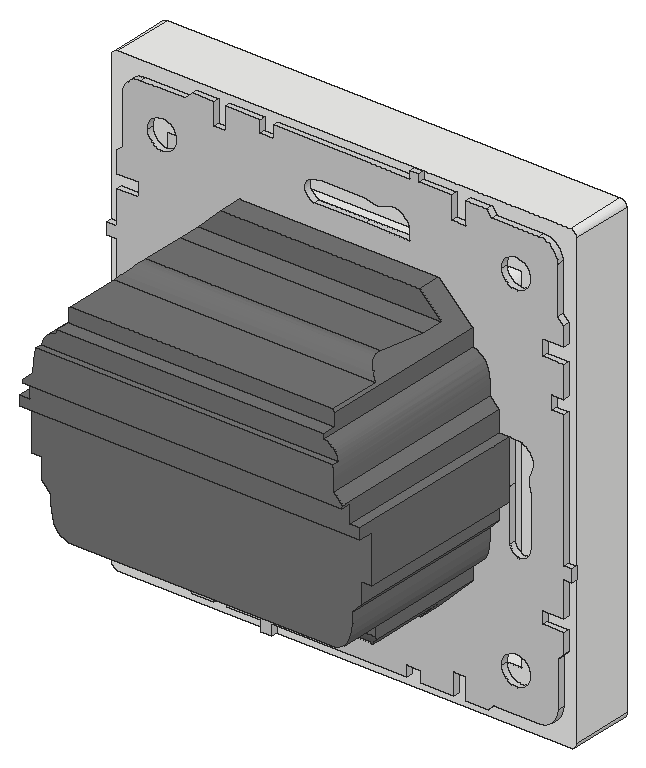
Revit family "IEK_L4_СетеваяРозетка_BRITE_1мест_(РЭК)_Скрытый", category Электрические приборы, Revit 2019
Family settings
  Сохранять ориентацию аннотаций = Нет
  Размер круглого соединителя = Использовать диаметр
  Тип детали = Нормальный
  На основе рабочей плоскости = Нет
  Всегда вертикально = Да
  При загрузке вырезать с полостями = Нет
  Общий = Нет
  Точка расчета площади = Нет
Parameters
  ЭУИ (Выбор) [instance] = ⚠_IEK_СетеваяРозетка_TV_Встраиваемая_BRITE_1мест : СетеваяРозетка_TV_Оконечная_РТВ11-0-БрБ_Белый
  УГО_Смещение по оси Y [instance] = 1100 mm
  УГО_Смещение по оси X [instance] = 1000 mm
  УГО_Внешний вид [instance] = УГО_СетеваяРозетка : TV
  Рамка (Выбор) [instance] = ⚠_IEK_Рамка_Встраиваемая_BRITE_1мест : Рамка_IP20_РУ-1-БрБ_Белый
  Подрозетник (учет в спецификации) [instance] = yes
  Монтажная глубина ниши = 40 mm
  Крышка подрозетника [instance] = no
  Коробка (Выбор) [instance] = ⚠_IEK_Коробка_Встраиваемая_1мест : Коробка_распаячная_КМ41004_(d80x40)_IP20_Для твердых стен_Белый
  Изготовитель = "IEK"  # constant formula
  Видимость подрозетника [instance] = no
  Видимость в масштабе [instance] = not(Видимость УГО)  # no
  Видимость УГО [instance] = yes
  URL = "https://www.iek.ru/"
  IEK_Разработчик = "sozutovvd@iek.ru"  # constant formula
  ADSK_Ток [instance] = ADSK_Номинальная мощность / (if(ADSK_Количество фаз = 3, (sqrt(3) * ADSK_Напряжение), ADSK_Напряжение) * ADSK_Коэффициент мощности * ADSK_КПД)  # 0.2746 A
  ADSK_Размер_Ширина = 74.4 mm
  ADSK_Размер_Диаметр [instance] = 20 mm
  ADSK_Размер_Глубина = 43 mm
  ADSK_Размер_Высота = 74.4 mm
  ADSK_Пусковой ток [instance] = ADSK_Ток * ADSK_Кратность пускового тока  # 0.2746 A
  ADSK_Примечание [instance] = ""
  ADSK_Полная мощность [instance] = ADSK_Номинальная мощность / ADSK_Коэффициент мощности / ADSK_КПД  # 63.1579 VA
  ADSK_Номинальная мощность [instance] = 60 W
  ADSK_Напряжение = 230 V
  ADSK_Наименование краткое [instance] = "ЭУИ"
  ADSK_Наименование = "Неспецифицируемый"
  ADSK_Кратность пускового тока [instance] = 1
  ADSK_Коэффициент мощности [instance] = 0.95
  ADSK_Количество фаз [instance] = 1
  ADSK_Классификация нагрузок [instance] = Розетка однофазная
  ADSK_КПД [instance] = 1
  ADSK_Версия семейства = "07.11.23"  # constant formula
  ADSK_Версия Revit = "v2019"  # constant formula
  ADSK_URL страницы изделия = "https://www.iek.ru/products/catalog/izdeliya_elektroustanovochnye_udliniteli_i_silovye_razemy/elektroustanovochnye_izdeliya/elektroustanovochnye_izdeliya_skrytogo_montazha/elektroustanovochnye_izdeliya_brite/?page=2"
Reference planes
  plane 1 "По центру (Вперед/Назад)": y = 0
  plane 2: z = 0
  plane 3 "По центру (Влево/Вправо)": x = 0
  plane 4: x = 37.2
  plane 5: x = -37.2
  plane 6: z = 37.2
  plane 7: z = -37.2
  plane 8: x = 27.2
  plane 9: x = -27.2
  plane 10: z = 27.2
  plane 11: z = -27.2
  plane 12 "Дно розетки": y = -9.913
  plane 13: y = -43
  plane 14: z = 20
  plane 15: z = -20
  plane 16: y = -10.913
  plane 17: x = -1000
  plane 18: y = -1000
Lines and regions (mm)
  reference lines
    curve 1: line (0, 600, 0) -> (0, 100, 0)
    curve 2: line (250, 100, 0) -> (-250, 100, 0)
  reference lines, not visible
    curve 3: line (-263.899, 336.096, 0) -> (-263.899, -163.904, 0)
    curve 4: line (-13.899, -163.904, 0) -> (-513.899, -163.904, 0)
  symbolic lines, detail levels fine
    curve 5: line (-37.2, 0, 0) -> (-37.2, -9.913, 0)
    curve 6: line (-37.2, 0, 0) -> (37.2, 0, 0)
    curve 7: line (37.2, 0, 0) -> (37.2, -9.913, 0)
    curve 8: line (-27.2, -9.913, 0) -> (-27.2, -49.913, 0)
    curve 9: line (27.2, -49.913, 0) -> (-27.2, -49.913, 0)
    curve 10: line (27.2, -49.913, 0) -> (27.2, -9.913, 0)
    curve 11: line (-37.2, -9.913, 0) -> (37.2, -9.913, 0)
  symbolic lines
    curve 12: line (37.2, 0, 37.2) -> (-37.2, 0, 37.2)
    curve 13: line (37.2, 0, -37.2) -> (37.2, 0, 37.2)
    curve 14: line (-37.2, 0, -37.2) -> (37.2, 0, -37.2)
    curve 15: line (-37.2, 0, 37.2) -> (-37.2, 0, -37.2)
    curve 16: line (27.2, 0, 27.2) -> (-27.2, 0, 27.2)
    curve 17: line (27.2, 0, -27.2) -> (27.2, 0, 27.2)
    curve 18: line (-27.2, 0, -27.2) -> (27.2, 0, -27.2)
    curve 19: line (-27.2, 0, 27.2) -> (-27.2, 0, -27.2)
    curve 20: line (0, 0, 37.2) -> (0, 0, -37.2)
    curve 21: line (0, 0, -37.2) -> (0, -9.913, -37.2)
    curve 22: line (0, -9.913, -37.2) -> (0, -9.913, 37.2)
    curve 23: line (0, -9.913, 37.2) -> (0, 0, 37.2)
    curve 24: line (0, -9.913, -27.2) -> (0, -43, -27.2)
    curve 25: line (0, -43, -27.2) -> (0, -43, 27.2)
    curve 26: line (0, -43, 27.2) -> (0, -9.913, 27.2)
Dimensions and locks
  "ADSK_Размер_Высота": plane 6 to plane 7
  equal spacing: plane 6, level, plane 7
  equal spacing: plane 5, plane 3 "По центру (Влево/Вправо)", plane 4
  "ADSK_Размер_Ширина": plane 5 to plane 4
  plane 4 to plane 8 = 10 mm
  plane 5 to plane 9 = 10 mm
  locked: plane 6 to plane 10 at 10
  locked: plane 11 to plane 7 at 10
  locked: plane 12 "Дно розетки" to plane 1 "По центру (Вперед/Назад)" at 9.913
  locked: plane 12 "Дно розетки" to plane 16 at 1
  locked: plane 5 to plane 9 at 10
  locked: plane 8 to plane 4 at 10
  "ADSK_Размер_Глубина": plane 13 to plane 1 "По центру (Вперед/Назад)"
  "УГО_Смещение по оси Y": plane 18 to curve 2
  "УГО_Смещение по оси X": plane 17 to curve 1
  "Монтажная глубина ниши": plane 12 "Дно розетки" to curve 9
  aligned and locked: level to plane 2
  aligned and locked: plane 3 "По центру (Влево/Вправо)" to nested 1
  aligned and locked: plane 3 "По центру (Влево/Вправо)" to nested 2
  aligned and locked: plane 1 "По центру (Вперед/Назад)" to nested 2
  aligned and locked: plane 3 "По центру (Влево/Вправо)" to nested 3
  aligned and locked: nested 3 to plane 16
  aligned and locked: nested 4 to curve 2
  aligned and locked: nested 4 to curve 1
  aligned and locked: nested 5 to curve 4
  aligned and locked: nested 5 to curve 3
  aligned and locked: plane 10 to curve 16
  aligned and locked: plane 8 to curve 17
  aligned and locked: plane 11 to curve 18
  aligned and locked: plane 9 to curve 19
  aligned and locked: plane 1 "По центру (Вперед/Назад)" to curve 20
  aligned and locked: curve 23 to plane 6
  aligned and locked: curve 22 to plane 12 "Дно розетки"
  aligned and locked: curve 21 to plane 7
  aligned and locked: curve 25 to plane 13
  aligned and locked: plane 10 to curve 26
  aligned and locked: plane 12 "Дно розетки" to nested 2
  aligned and locked: curve 24 to plane 11
Automatic sketch dimensions
  curve 2 to curve 1 = 250 mm
  curve 1 to curve 2 = 250 mm
  curve 1 to curve 1 = 500 mm
  curve 4 to curve 3 = 250 mm
  curve 3 to curve 4 = 250 mm
  curve 3 to curve 3 = 500 mm
  curve 5 to plane 5 = 0 mm
  curve 9 to plane 9 = 0 mm
  curve 9 to plane 8 = 0 mm
  plane 1 "По центру (Вперед/Назад)" to curve 7 = 0 mm
  curve 7 to plane 4 = 0 mm
  curve 11 to plane 12 "Дно розетки" = 0 mm
  plane 5 to curve 12 = 0 mm
  curve 13 to plane 4 = 0 mm
  curve 15 to plane 7 = 0 mm
  curve 13 to plane 6 = 0 mm
Nested families
  nested 1: "⚠_IEK_СетеваяРозетка_TV_Встраиваемая_BRITE_1мест" at (0, 0, 0), type <- "ЭУИ (Выбор)", ADSK_Размер_Диаметр <- "ADSK_Размер_Диаметр", Символ в масштабе <- "Видимость в масштабе", type "СетеваяРозетка_TV_Оконечная_РТВ11-0-БрБ_Белый"
    with Символ в масштабе no, ADSK_Размер_Диаметр 20 mm, ADSK_Примечание ""
  nested 2: "⚠_IEK_Рамка_Встраиваемая_BRITE_1мест" at (0, 0, 0), type <- "Рамка (Выбор)", Символ в масштабе <- "Видимость в масштабе", type "Рамка_IP20_РУ-1-БрБ_Белый"
    with Символ в масштабе no, ADSK_Примечание ""
  nested 3: "⚠_IEK_Коробка_Встраиваемая_1мест" at (0, -10.913, 0), Крышка <- "Крышка подрозетника", visible <- "Подрозетник (учет в спецификации)", type <- "Коробка (Выбор)", Видимость коробки <- "Видимость подрозетника", type "Коробка_распаячная_КМ41004_(d80x40)_IP20_Для твердых стен_Белый"
    with Крышка no, Видимость коробки no, ADSK_Примечание ""
  nested 4: "УГО_СетеваяРозетка" at (0, 100, 0), visible <- "Видимость УГО", type <- "УГО_Внешний вид", type "TV", detail levels coarse+medium
  nested 5: "УГО_СетеваяРозетка" at (-263.899, -163.904, 0), visible <- "Видимость УГО", type <- "УГО_Внешний вид", type "TV", not visible, detail levels coarse+medium
Connectors
  electrical at (0.128, -10.913, 0.127), driven by "ADSK_Количество фаз", driven by "ADSK_Классификация нагрузок", driven by "ADSK_Напряжение", driven by "ADSK_Полная мощность", driven by "ADSK_Коэффициент мощности"
    settings: on nested 1, index 1, voltage 230 V, apparent load 63.1579 VA, apparent load phase1 0 VA, apparent load phase2 0 VA, apparent load phase3 0 VA, power factor 0.95, load classification "Розетка однофазная", number of poles 1, system type 30, power factor state 1, is connector primary yes, connector utility no, sub classification motor no, connector description ""
  cabletrayconduit at (0, -26.957, 20), diameter 20, driven by "ADSK_Размер_Диаметр"
    settings: on nested 1, index 2, connector width 300 mm, connector height 300 mm, connector angle 0.00°, system type 32, placement type 0, profile type 0, connector reference index -1, is primary connector yes, connector utility param no, connector description ""
  cabletrayconduit at (0, -26.957, -20), diameter 20, driven by "ADSK_Размер_Диаметр"
    settings: on nested 1, index 3, connector width 300 mm, connector height 300 mm, connector angle 0.00°, system type 32, placement type 0, profile type 0, connector reference index -1, is primary connector no, connector utility param no, connector description ""
  cabletrayconduit at (-17.2, -26.957, 0), diameter 20, driven by "ADSK_Размер_Диаметр"
    settings: on nested 1, index 4, connector width 300 mm, connector height 300 mm, connector angle 0.00°, system type 32, placement type 0, profile type 0, connector reference index -1, is primary connector no, connector utility param no, connector description ""
  cabletrayconduit at (0, -26.957, -20), diameter 20, driven by "ADSK_Размер_Диаметр"
    settings: on nested 1, index 5, connector width 300 mm, connector height 300 mm, connector angle 0.00°, system type 32, placement type 0, profile type 0, connector reference index -1, is primary connector no, connector utility param no, connector description ""
Definition of nested family "⚠_IEK_СетеваяРозетка_TV_Встраиваемая_BRITE_1мест"
  Parameters (values of type "СетеваяРозетка_TV_Проходная_РТВ10-0-БрБ_Белый")
    Степень защиты IP = "IP20"
    Символ в масштабе [instance] = yes
    Радиус выреза под вилку = 6 mm
    Description = "Серия электроустановочных изделий \"BRITE\" IEK – это гармоничный дизайн и европейский подход, надежность в эксплуатации и привлекательная цена.\r\n\r\nВ линейке \"BRITE\" использованы материалы премиум-класса. Цветовая палитра и широкий ассортимент позволяют решить все задачи при строительстве и ремонте жилой и коммерческой недвижимости, выполнить современные интерьеры в едином стиле."
    Материал_Дополнительный = none
    Кол-во постов = 1
    Климатическое исполнение = "УХЛ3"
    Manufacturer = "IEK"  # constant formula
    URL = "https://www.iek.ru/"
    IEK_Разработчик = "sozutovvd@iek.ru"  # constant formula
    ADSK_Размер_Ширина = 74.4 mm
    ADSK_Размер_Диаметр [instance] = 20 mm
    ADSK_Размер_Высота = 74.4 mm
    ADSK_Примечание [instance] = ""
    ADSK_Обозначение = ""
    ADSK_Наименование краткое = "TV Розетка 1-местная проходная белый"
    ADSK_Наименование = "BRITE Розетка TV проходная РТВ10-0-БрБ белый IEK"
    ADSK_Материал наименование = ""
    ADSK_Материал = none
    ADSK_Масса = 0.09
    ADSK_Марка = "BRITE"
    ADSK_Количество = 1  # constant formula
    ADSK_Код изделия = "BR-A10-P-K01"
    ADSK_Завод-изготовитель = "iek.ru"  # constant formula
    ADSK_Единица измерения = "шт."  # constant formula
    ADSK_Группирование = "IEK_Электроустановочные изделия низковольтные"  # constant formula
    ADSK_Версия семейства = "11.07.23"  # constant formula
    ADSK_Версия Revit = "v2019"  # constant formula
    ADSK_URL страницы изделия = "https://www.iek.ru/products/catalog/izdeliya_elektroustanovochnye_udliniteli_i_silovye_razemy/elektroustanovochnye_izdeliya/elektroustanovochnye_izdeliya_skrytogo_montazha/elektroustanovochnye_izdeliya_brite/elektroustanovochnye_izdeliya_brite_tsvet_belyy/brite_rozetka_tv_prokhodnaya_rtv10_0_brb_belyy_iek"
  Types (3, lengths in mm): name | ADSK_Наименование краткое | ADSK_Наименование | ADSK_Код изделия | ADSK_URL страницы изделия
    (no name) | "TV Розетка 1-местная проходная белый" | "BRITE Розетка TV проходная РТВ10-0-БрБ белый IEK" | "BR-A10-P-K01" | "https://www.iek.ru/products/catalog/izdeliya_elektroustanovochnye_udliniteli_i_silovye_razemy/elektroustanovochnye_izdeliya/elektroustanovochnye_izdeliya_skrytogo_montazha/elektroustanovochnye_izdeliya_brite/elektroustanovochnye_izdeliya_brite_tsvet_belyy/brite_rozetka_tv_prokhodnaya_rtv10_0_brb_belyy_iek"
    СетеваяРозетка_TV_Оконечная_РТВ11-0-БрБ_Белый | "TV Розетка 1-местная белый" | "BRITE Розетка TV оконечная РТВ11-0-БрБ белый IEK" | "BR-A10-O-K01" | "https://www.iek.ru/products/catalog/izdeliya_elektroustanovochnye_udliniteli_i_silovye_razemy/elektroustanovochnye_izdeliya/elektroustanovochnye_izdeliya_skrytogo_montazha/elektroustanovochnye_izdeliya_brite/elektroustanovochnye_izdeliya_brite_tsvet_belyy/brite_rozetka_tv_okonechnaya_rtv11_0_brb_belyy_iek"
    СетеваяРозетка_TV_Проходная_РТВ10-0-БрБ_Белый | "TV Розетка 1-местная проходная белый" | "BRITE Розетка TV проходная РТВ10-0-БрБ белый IEK" | "BR-A10-P-K01" | "https://www.iek.ru/products/catalog/izdeliya_elektroustanovochnye_udliniteli_i_silovye_razemy/elektroustanovochnye_izdeliya/elektroustanovochnye_izdeliya_skrytogo_montazha/elektroustanovochnye_izdeliya_brite/elektroustanovochnye_izdeliya_brite_tsvet_belyy/brite_rozetka_tv_prokhodnaya_rtv10_0_brb_belyy_iek"
  Reference planes
    plane 1 "По центру (Вперед/Назад)": y = 0
    plane 2: z = 0
    plane 3 "По центру (Влево/Вправо)": x = 0
    plane 4: y = 10
    plane 5: x = 37.2
    plane 6: x = -37.2
    plane 7: y = -100
    plane 8: z = 37.2
    plane 9: z = -37.2
    plane 10: x = 27.2
    plane 11: x = -27.2
    plane 12: z = 27.2
    plane 13: z = -27.2
    plane 14 "Дно внешн части": y = -9.913
    plane 15: y = -43
    plane 16: z = 20
    plane 17: z = -20
    plane 18: x = 17.2
    plane 19: x = -17.2
    plane 20: y = -10.913
    plane 21: y = -11.913
  Forms (mm)
    Extrusion 1, solid, material <- "ADSK_Материал", detail levels medium
      sketch origin (0, 0, 0) x (1, 0, 0) y (0, 0, 1)
        loop
          line (-27.2, 27.2) -> (-27.2, -27.2) -> (27.2, -27.2) -> (27.2, 27.2) -> (-27.2, 27.2)
      from 0 to 9.913
    Extrusion 2, solid, material <- "Материал_Дополнительный", detail levels coarse+medium
      sketch origin (0, 0, 0) x (0, 1, 0) y (0, 0, 1)
        loop
          line (-43, 20) -> (-43, -20) -> (-10.913, -20) -> (-10.913, 20) -> (-43, 20)
      from -17.2 to 17.2
    Extrusion 3, void, detail levels medium
      sketch origin (0, 0, 0) x (1, 0, 0) y (0, 0, 1)
        loop
          circle (0, 0) r 6
      from 0 to 9.913
    Extrusion 4, solid, material <- "Материал_Дополнительный", detail levels medium
      sketch origin (0, 0, 0) x (1, 0, 0) y (0, 0, 1)
        loop
          line (-37.2, 37.2) -> (-37.2, -37.2) -> (37.2, -37.2) -> (37.2, 37.2) -> (-37.2, 37.2)
      from 9.913 to 10.913
    Extrusion 5, solid, material <- "ADSK_Материал", detail levels coarse
      sketch origin (0, 0, 0) x (1, 0, 0) y (0, 0, 1)
        loop
          line (-27.2, 27.2) -> (-27.2, -27.2) -> (27.2, -27.2) -> (27.2, 27.2) -> (-27.2, 27.2)
      from 0 to 9.913
    Extrusion 6, void
      sketch origin (0, 0, 0) x (1, 0, 0) y (0, 0, 1)
        loop
          circle (-9.453, 0) r 3.022
        loop
          circle (9.453, 0) r 3.022
      from 9.913 to 14.843
    Extrusion 7, solid, material <- "Материал_Дополнительный", detail levels fine
      sketch origin (0, 0, 0) x (1, 0, 0) y (0, 0, 1)
        loop
          line (-37.2, 37.2) -> (-37.2, -37.2) -> (37.2, -37.2) -> (37.2, 37.2) -> (-37.2, 37.2)
      from 9.913 to 10.913
    Extrusion 8, void
      sketch origin (0, 0, 0) x (1, 0, 0) y (0, 0, 1)
        loop
          line (-31.683, 35.006) -> (-24.557, 35.006) -> (-23.495, 36.067) -> (-20.008, 36.067) -> (-20.008, 32.58) -> (-18.239, 32.58) -> (-18.239, 36.067) -> (-12.788, 36.067) -> (-12.788, 34.099) -> (-10.537, 34.099) -> (-10.537, 36.067) -> (11.258, 36.067) -> (11.258, 37.2) -> (-37.2, 37.2) -> (-37.2, 12.83) -> (-35.521, 12.83) -> (-35.521, 18.147) -> (-32.118, 18.147) -> (-32.118, 20.341) -> (-35.521, 20.341) -> (-35.521, 23.664) -> (-34.683, 24.501) -> (-34.683, 32.006)
          arc (-34.683, 32.006) -> (-33.804, 34.127) -> (-31.683, 35.006) r 3
        loop
          line (12.691, 37.2) -> (12.691, 36.067) -> (17.943, 36.067) -> (17.943, 32.497) -> (20.28, 32.497) -> (20.28, 36.067) -> (23.597, 36.067) -> (24.333, 35.015) -> (31.946, 35.015)
          arc (31.946, 35.015) -> (34.04, 34.148) -> (34.908, 32.054) r 2.961
          line (34.908, 32.054) -> (34.908, 24.612) -> (35.896, 23.623) -> (35.896, 20.525) -> (32.49, 20.525) -> (32.49, 18.064) -> (35.896, 18.064) -> (35.896, 13.064) -> (33.941, 13.064) -> (33.941, 10.856) -> (35.896, 10.856) -> (35.896, -10.811) -> (37.2, -10.811) -> (37.2, 37.2) -> (12.691, 37.2)
        loop
          line (37.2, -12.789) -> (35.896, -12.789) -> (35.896, -18.357) -> (32.494, -18.357) -> (32.494, -20.356) -> (35.896, -20.356) -> (35.896, -23.561) -> (35.021, -24.436) -> (35.021, -31.761)
          arc (35.021, -31.761) -> (34.149, -33.866) -> (32.043, -34.738) r 2.978
          line (32.043, -34.738) -> (24.719, -34.738) -> (23.897, -35.56) -> (20.286, -35.56) -> (20.286, -32.109) -> (18.326, -32.109) -> (18.326, -35.56) -> (13.05, -35.56) -> (13.05, -33.809) -> (10.788, -33.809) -> (10.788, -35.56) -> (-10.804, -35.56) -> (-10.804, -37.2) -> (37.2, -37.2) -> (37.2, -12.789)
        loop
          line (-12.509, -37.2) -> (-12.509, -35.56) -> (-18, -35.56) -> (-18, -32.358) -> (-20.08, -32.358) -> (-20.08, -35.56) -> (-23.414, -35.56) -> (-24.331, -34.643) -> (-31.577, -34.643)
          arc (-31.577, -34.643) -> (-33.721, -33.754) -> (-34.61, -31.61) r 3.033
          line (-34.61, -31.61) -> (-34.61, -24.364) -> (-35.521, -23.453) -> (-35.521, -20.298) -> (-32.26, -20.298) -> (-32.26, -18.034) -> (-35.521, -18.034) -> (-35.521, -12.648) -> (-33.83, -12.648) -> (-33.83, -10.583) -> (-35.521, -10.583) -> (-35.521, 10.936) -> (-37.2, 10.936) -> (-37.2, -37.2) -> (-12.509, -37.2)
      from 9.913 to 10.913
    Extrusion 9, solid, material <- "ADSK_Материал", detail levels fine
      sketch origin (0, 0, 0) x (1, 0, 0) y (0, 0, 1)
        loop
          arc (-25.172, 27.2) -> (-26.606, 26.606) -> (-27.2, 25.172) r 2.028
          line (-27.2, 25.172) -> (-27.2, -25.224)
          arc (-27.2, -25.224) -> (-26.621, -26.621) -> (-25.224, -27.2) r 1.976
          line (-25.224, -27.2) -> (25.215, -27.2)
          arc (25.215, -27.2) -> (26.619, -26.619) -> (27.2, -25.215) r 1.985
          line (27.2, -25.215) -> (27.2, 25.208)
          arc (27.2, 25.208) -> (26.616, 26.616) -> (25.208, 27.2) r 1.992
          line (25.208, 27.2) -> (-25.172, 27.2)
      from 0 to 9.913
    Extrusion 10, void, detail levels medium+fine
      sketch origin (0, 0, 0) x (1, 0, 0) y (0, 0, 1)
        loop
          circle (0, 0) r 6
      from 0 to 9.913
    Extrusion 11, void
      sketch origin (0, 0, 0) x (1, 0, 0) y (0, 0, 1)
        loop
          line (-27.2, 10.827) -> (-29.11, 10.827)
          spline (-29.11, 10.827) -> (-29.893, 10.304) -> (-30.438, 9.801) -> (-30.792, 9.316) -> (-31.001, 8.846) -> (-31.096, 8.385) -> (-31.089, 7.929) -> (-30.99, 7.472) -> (-30.809, 7.006) -> (-30.596, 6.49) -> (-30.455, 5.839) -> (-30.494, 4.961) -> (-30.818, 3.766)
          line (-30.818, 3.766) -> (-30.818, -3.421)
          spline (-30.818, -3.421) -> (-30.704, -4.212) -> (-30.522, -4.822) -> (-30.283, -5.273) -> (-29.996, -5.591) -> (-29.671, -5.799) -> (-29.316, -5.92) -> (-28.942, -5.976) -> (-28.56, -5.952) -> (-28.182, -5.821) -> (-27.822, -5.555) -> (-27.49, -5.124) -> (-27.2, -4.501)
          line (-27.2, -4.501) -> (-27.2, 3.766) -> (-27.2, 10.827)
        loop
          line (27.2, 4.619) -> (27.2, -2.442) -> (27.2, -10.709)
          spline (27.2, -10.709) -> (27.49, -11.332) -> (27.822, -11.763) -> (28.182, -12.029) -> (28.56, -12.16) -> (28.942, -12.184) -> (29.316, -12.128) -> (29.671, -12.007) -> (29.996, -11.799) -> (30.283, -11.482) -> (30.522, -11.03) -> (30.704, -10.42) -> (30.818, -9.629)
          line (30.818, -9.629) -> (30.818, -2.442)
          spline (30.818, -2.442) -> (30.494, -1.247) -> (30.455, -0.369) -> (30.596, 0.282) -> (30.809, 0.798) -> (30.99, 1.264) -> (31.089, 1.721) -> (31.096, 2.177) -> (31.001, 2.638) -> (30.792, 3.108) -> (30.438, 3.593) -> (29.893, 4.095) -> (29.11, 4.619)
          line (29.11, 4.619) -> (27.2, 4.619)
        loop
          line (11.286, 27.2) -> (11.286, 29.11)
          spline (11.286, 29.11) -> (10.762, 29.893) -> (10.26, 30.438) -> (9.775, 30.792) -> (9.305, 31.001) -> (8.844, 31.096) -> (8.388, 31.089) -> (7.931, 30.99) -> (7.464, 30.809) -> (6.949, 30.596) -> (6.297, 30.455) -> (5.419, 30.494) -> (4.225, 30.818)
          line (4.225, 30.818) -> (-2.962, 30.818)
          spline (-2.962, 30.818) -> (-3.753, 30.704) -> (-4.363, 30.522) -> (-4.815, 30.283) -> (-5.132, 29.996) -> (-5.34, 29.671) -> (-5.462, 29.316) -> (-5.517, 28.942) -> (-5.493, 28.56) -> (-5.362, 28.182) -> (-5.096, 27.822) -> (-4.665, 27.49) -> (-4.042, 27.2)
          line (-4.042, 27.2) -> (4.225, 27.2) -> (11.286, 27.2)
        loop
          line (6.227, -27.2) -> (-0.834, -27.2) -> (-9.102, -27.2)
          spline (-9.102, -27.2) -> (-9.724, -27.49) -> (-10.155, -27.822) -> (-10.422, -28.182) -> (-10.553, -28.56) -> (-10.576, -28.942) -> (-10.521, -29.316) -> (-10.399, -29.671) -> (-10.192, -29.996) -> (-9.874, -30.283) -> (-9.422, -30.522) -> (-8.813, -30.704) -> (-8.021, -30.818)
          line (-8.021, -30.818) -> (-0.834, -30.818)
          spline (-0.834, -30.818) -> (0.36, -30.494) -> (1.238, -30.455) -> (1.89, -30.596) -> (2.405, -30.809) -> (2.871, -30.99) -> (3.329, -31.089) -> (3.785, -31.096) -> (4.245, -31.001) -> (4.716, -30.792) -> (5.2, -30.438) -> (5.703, -29.893) -> (6.227, -29.11)
          line (6.227, -29.11) -> (6.227, -27.2)
      from 9.913 to 10.913
    Extrusion 12, solid, detail levels fine
      sketch origin (0, 0, 0) x (1, 0, 0) y (0, 0, 1)
        loop
          line (14.941, 24.492) -> (-14.941, 24.492) -> (-21.312, 18.121) -> (-21.312, 15.449)
          spline (-21.312, 15.449) -> (-21.829, 15.285) -> (-22.283, 15.082) -> (-22.677, 14.834) -> (-23.014, 14.533) -> (-23.299, 14.174) -> (-23.534, 13.749) -> (-23.723, 13.252) -> (-23.869, 12.675) -> (-23.977, 12.012) -> (-24.05, 11.256) -> (-24.091, 10.4) -> (-24.104, 9.437)
          line (-24.104, 9.437) -> (-25.554, 7.987) -> (-25.554, 4.705) -> (-27.2, 4.705) -> (-27.2, -4.705) -> (-25.554, -4.705) -> (-25.554, -7.987) -> (-24.104, -9.437)
          spline (-24.104, -9.437) -> (-24.091, -10.4) -> (-24.05, -11.256) -> (-23.977, -12.012) -> (-23.869, -12.675) -> (-23.723, -13.252) -> (-23.534, -13.749) -> (-23.299, -14.174) -> (-23.014, -14.533) -> (-22.677, -14.834) -> (-22.283, -15.082) -> (-21.829, -15.285) -> (-21.312, -15.449)
          line (-21.312, -15.449) -> (-21.312, -18.121) -> (-14.941, -24.492) -> (14.941, -24.492) -> (21.312, -18.121) -> (21.312, -15.449)
          spline (21.312, -15.449) -> (21.829, -15.285) -> (22.283, -15.082) -> (22.677, -14.834) -> (23.014, -14.533) -> (23.299, -14.174) -> (23.534, -13.749) -> (23.723, -13.252) -> (23.869, -12.675) -> (23.977, -12.012) -> (24.05, -11.256) -> (24.091, -10.4) -> (24.104, -9.437)
          line (24.104, -9.437) -> (25.554, -7.987) -> (25.554, -4.705) -> (27.2, -4.705) -> (27.2, 4.705) -> (25.554, 4.705) -> (25.554, 7.987) -> (24.104, 9.437)
          spline (24.104, 9.437) -> (24.091, 10.4) -> (24.05, 11.256) -> (23.977, 12.012) -> (23.869, 12.675) -> (23.723, 13.252) -> (23.534, 13.749) -> (23.299, 14.174) -> (23.014, 14.533) -> (22.677, 14.834) -> (22.283, 15.082) -> (21.829, 15.285) -> (21.312, 15.449)
          line (21.312, 15.449) -> (21.312, 18.121) -> (14.941, 24.492)
      from 10.913 to 43
    Extrusion 13, void, detail levels fine
      sketch origin (0, 0, 0) x (1, 0, 0) y (0, 1, 0)
        loop
          line (-1.797, -9.913) -> (1.797, -9.913) -> (1.236, -1.899) -> (-1.236, -1.899) -> (-1.797, -9.913)
      from 19.628 to 21.709
    Extrusion 14, void
      sketch origin (0, 0, 0) x (0, 1, 0) y (0, 0, 1)
        loop
          line (-43, 24.501) -> (-43, -24.492) -> (-10.913, -24.492) -> (-10.913, -23.523) -> (-14.456, -23.523) -> (-14.456, -20) -> (-17.872, -19.398) -> (-26.611, -20.626)
          spline (-26.611, -20.626) -> (-27.058, -20.53) -> (-27.48, -20.404) -> (-27.878, -20.248) -> (-28.251, -20.061) -> (-28.599, -19.845) -> (-28.923, -19.599) -> (-29.222, -19.322) -> (-29.497, -19.015) -> (-29.747, -18.679) -> (-29.972, -18.312) -> (-30.173, -17.915) -> (-30.35, -17.488)
          line (-30.35, -17.488) -> (-30.35, -15.449) -> (-38.406, -15.449) -> (-38.406, 3.025) -> (-40.763, 3.025) -> (-40.763, 7.564) -> (-42.286, 7.564) -> (-41.904, 13.034) -> (-40.763, 13.034) -> (-40.763, 16.043) -> (-38.406, 16.043) -> (-38.406, 18.503) -> (-29.724, 18.503)
          spline (-29.724, 18.503) -> (-29.498, 18.914) -> (-29.258, 19.283) -> (-29.004, 19.611) -> (-28.736, 19.897) -> (-28.454, 20.141) -> (-28.158, 20.344) -> (-27.848, 20.505) -> (-27.524, 20.625) -> (-27.186, 20.702) -> (-26.834, 20.738) -> (-26.468, 20.732) -> (-26.088, 20.685)
          line (-26.088, 20.685) -> (-18.258, 20) -> (-14.708, 20) -> (-14.708, 23.571) -> (-10.913, 23.571) -> (-10.913, 24.501) -> (-43, 24.501)
      from -27.2 to 27.2
    Extrusion 15, void, detail levels fine
      sketch origin (0, 0, 0) x (1, 0, 0) y (0, 0, 1)
        loop
          circle (28.302, 28.434) r 2.369
        loop
          circle (-28.302, 28.434) r 2.369
        loop
          circle (28.302, -28.434) r 2.369
        loop
          circle (-28.302, -28.434) r 2.369
      from 9.913 to 10.913
    Extrusion 16, solid, material <- "ADSK_Материал", detail levels medium+fine
      sketch origin (0, 0, 0) x (1, 0, 0) y (0, 0, 1)
        loop
          circle (0, 0) r 20
      from 8.858 to 9.913
    Extrusion 17, void
      sketch origin (0, -9.913, 0) x (0, 0, 1) y (1, 0, 0)
        loop
          line (18.503, 1.797) -> (18.503, -1.797) -> (20.202, -1.797) -> (20.202, 1.797) -> (18.503, 1.797)
      from 0 to 1.055
    Extrusion 18, solid, material <- "Материал_Дополнительный", detail levels medium+fine
      sketch origin (0, -9.913, 0) x (0, 0, 1) y (1, 0, 0)
        loop
          circle (0, 0) r 3.992
      from 0 to 9.913
    Extrusion 19, void
      sketch origin (0, -9.913, 0) x (0, 0, 1) y (1, 0, 0)
        loop
          circle (0, 0) r 3.519
      from 0 to 9.913
    Extrusion 20, solid, detail levels medium+fine
      sketch origin (0, -9.913, 0) x (0, 0, 1) y (1, 0, 0)
        loop
          circle (0, 0) r 1
        loop
          circle (0, 0) r 0.81
      from 0 to 9.913
  Cuts and joins
    Extrusion 3, Extrusion 13 cuts Extrusion 1
    Extrusion 6, Extrusion 13 cuts Extrusion 4
    Extrusion 6 cuts Extrusion 2
    Extrusion 8, Extrusion 11, Extrusion 13, Extrusion 15 cuts Extrusion 7
    Extrusion 10, Extrusion 13 cuts Extrusion 9
    Extrusion 14 cuts Extrusion 12
    Extrusion 13 cuts Extrusion 5
    Extrusion 17 cuts Extrusion 16
    Extrusion 19 cuts Extrusion 18
  Lines and regions (mm)
    symbolic lines, visible <- "Символ в масштабе", detail levels coarse+medium
      curve 1: line (-27.2, 0, 0) -> (27.2, 0, 0)
      curve 4: line (-27.2, -9.913, 0) -> (-37.2, -9.913, 0)
      curve 7: line (-27.2, -9.913, 0) -> (-27.2, -49.913, 0)
      curve 8: line (-27.2, -49.913, 0) -> (27.2, -49.913, 0)
      curve 9: line (27.2, -49.913, 0) -> (27.2, -9.913, 0)
      curve 12: line (37.2, -9.913, 0) -> (27.2, -9.913, 0)
      curve 13: line (-27.2, -9.913, 0) -> (27.2, -9.913, 0)
    symbolic lines, visible <- "Символ в масштабе"
      curve 2: line (-27.2, -9.913, 0) -> (-27.2, 0, 0)
      curve 3: line (27.2, 0, 0) -> (27.2, -9.913, 0)
      curve 5: line (-37.2, -9.913, 0) -> (-37.2, -10.913, 0)
      curve 6: line (-37.2, -10.913, 0) -> (-27.2, -10.913, 0)
      curve 10: line (27.2, -10.913, 0) -> (37.2, -10.913, 0)
      curve 11: line (37.2, -10.913, 0) -> (37.2, -9.913, 0)
      curve 14: line (-27.2, -10.913, 0) -> (27.2, -10.913, 0)
  Dimensions and locks
    plane 1 "По центру (Вперед/Назад)" to plane 4 = 10 mm
    plane 7 to plane 1 "По центру (Вперед/Назад)" = 100 mm
    "ADSK_Размер_Высота": plane 8 to plane 9
    equal spacing: plane 8, level, plane 9
    equal spacing: plane 6, plane 3 "По центру (Влево/Вправо)", plane 5
    "ADSK_Размер_Ширина": plane 6 to plane 5
    plane 5 to plane 10 = 10 mm
    plane 6 to plane 11 = 10 mm
    plane 8 to plane 12 = 10 mm
    plane 13 to plane 9 = 10 mm
    plane 14 "Дно внешн части" to plane 1 "По центру (Вперед/Назад)" = 9.913 mm
    plane 15 to plane 1 "По центру (Вперед/Назад)" = 43 mm
    plane 11 to plane 19 = 10 mm
    plane 18 to plane 10 = 10 mm
    plane 14 "Дно внешн части" to plane 20 = 1 mm
    locked: plane 20 to plane 21 at 1
    locked: curve 8 to plane 14 "Дно внешн части" at 40
    "Радиус выреза под вилку": radius of Extrusion 3 sketch curve
    "Радиус выреза под вилку": radius of Extrusion 10 sketch curve
    aligned and locked: level to plane 2
    aligned and locked: Extrusion 1 sketch curve to plane 12
    aligned and locked: Extrusion 1 sketch curve to plane 11
    aligned and locked: Extrusion 1 sketch curve to plane 13
    aligned and locked: Extrusion 1 sketch curve to plane 10
    aligned and locked: Extrusion 1 to plane 14 "Дно внешн части"
    aligned and locked: plane 16 to Extrusion 2 sketch curve
    aligned and locked: plane 15 to Extrusion 2 sketch curve
    aligned and locked: plane 17 to Extrusion 2 sketch curve
    aligned and locked: Extrusion 1 to Extrusion 3
    aligned and locked: Extrusion 3 to plane 1 "По центру (Вперед/Назад)"
    aligned and locked: plane 8 to Extrusion 4 sketch curve
    aligned and locked: Extrusion 4 sketch curve to plane 6
    aligned and locked: plane 9 to Extrusion 4 sketch curve
    aligned and locked: Extrusion 4 sketch curve to plane 5
    aligned and locked: plane 14 "Дно внешн части" to Extrusion 4
    aligned and locked: Extrusion 4 to plane 20
    aligned and locked: plane 20 to Extrusion 2
    aligned and locked: Extrusion 5 sketch curve to cut or joined group of Extrusion 1, Extrusion 3, Extrusion 13  (x4)
    aligned and locked: Extrusion 5 to plane 1 "По центру (Вперед/Назад)"
    aligned and locked: Extrusion 5 to plane 14 "Дно внешн части"
    aligned and locked: plane 14 "Дно внешн части" to Extrusion 6
    aligned and locked: Extrusion 7 sketch curve to cut or joined group of Extrusion 4, Extrusion 6, Extrusion 13  (x4)
    aligned and locked: Extrusion 9 sketch curve to plane 12
    aligned and locked: Extrusion 9 sketch curve to plane 11
    aligned and locked: Extrusion 9 sketch curve to plane 13
    aligned and locked: Extrusion 9 sketch curve to plane 10
    aligned and locked: Extrusion 9 to plane 1 "По центру (Вперед/Назад)"
    aligned and locked: Extrusion 9 to plane 14 "Дно внешн части"
    aligned and locked: Extrusion 10 to plane 1 "По центру (Вперед/Назад)"
    aligned and locked: Extrusion 10 to plane 14 "Дно внешн части"
    aligned and locked: Extrusion 11 sketch curve to plane 11
    aligned and locked: Extrusion 11 sketch curve to plane 12
    aligned and locked: plane 10 to Extrusion 11 sketch curve
    aligned and locked: plane 13 to Extrusion 11 sketch curve
    aligned and locked: plane 14 "Дно внешн части" to Extrusion 11
    aligned and locked: Extrusion 11 to plane 20
    aligned and locked: Extrusion 12 to plane 15
    aligned and locked: Extrusion 14 sketch curve to plane 15
    aligned and locked: plane 11 to Extrusion 14
    aligned and locked: plane 10 to Extrusion 14
    aligned and locked: plane 14 "Дно внешн части" to Extrusion 15
    aligned and locked: Extrusion 15 to plane 20
    aligned and locked: curve 1 to cut or joined group of Extrusion 1, Extrusion 3, Extrusion 13
    aligned and locked: curve 2 to cut or joined group of Extrusion 1, Extrusion 3, Extrusion 13
    aligned and locked: curve 3 to cut or joined group of Extrusion 1, Extrusion 3, Extrusion 13
    aligned and locked: Extrusion 7 to Extrusion 8
    aligned and locked: Extrusion 18 to plane 1 "По центру (Вперед/Назад)"
    aligned and locked: Extrusion 19 to plane 1 "По центру (Вперед/Назад)"
    aligned and locked: Extrusion 20 to plane 1 "По центру (Вперед/Назад)"
  Automatic sketch dimensions
    Extrusion 2 sketch curve to plane 20 = 0 mm
    Extrusion 6 sketch curve to level = 0 mm  (x2)
    Extrusion 6 sketch curve to plane 19 = 7.747 mm
    Extrusion 6 sketch curve to plane 18 = 7.747 mm
    plane 6 to Extrusion 8 sketch curve = 0 mm  (x2)
    Extrusion 8 sketch curve to plane 9 = 0 mm  (x2)
    Extrusion 8 sketch curve to plane 8 = 0 mm  (x2)
    Extrusion 8 sketch curve to plane 5 = 0 mm  (x2)
    Extrusion 8 sketch curve to plane 6 = 1.679 mm  (x5)
    Extrusion 8 sketch curve to plane 6 = 2.517 mm
    Extrusion 8 sketch curve to Extrusion 8 sketch curve = 0.911 mm  (x2)
    Extrusion 8 sketch curve to Extrusion 8 sketch curve = 1.691 mm
    Extrusion 8 sketch curve to Extrusion 8 sketch curve = 3.261 mm
    Extrusion 8 sketch curve to Extrusion 8 sketch curve = 3.403 mm
    Extrusion 8 sketch curve to Extrusion 8 sketch curve = 3 mm
    Extrusion 8 sketch curve to Extrusion 8 sketch curve = 3.033 mm
    Extrusion 8 sketch curve to plane 11 = 2.643 mm
    Extrusion 8 sketch curve to plane 11 = 2.869 mm
    plane 8 to Extrusion 8 sketch curve = 1.133 mm  (x5)
    Extrusion 8 sketch curve to Extrusion 8 sketch curve = 1.061 mm
    plane 9 to Extrusion 8 sketch curve = 1.64 mm  (x5)
    Extrusion 8 sketch curve to Extrusion 8 sketch curve = 0.917 mm  (x2)
    plane 19 to Extrusion 8 sketch curve = 2.88 mm
    plane 19 to Extrusion 8 sketch curve = 2.808 mm
    plane 19 to Extrusion 8 sketch curve = 1.039 mm
    plane 19 to Extrusion 8 sketch curve = 0.8 mm
    Extrusion 8 sketch curve to plane 19 = 4.412 mm
    Extrusion 8 sketch curve to plane 19 = 4.691 mm
    Extrusion 8 sketch curve to Extrusion 8 sketch curve = 1.705 mm
    Extrusion 8 sketch curve to Extrusion 8 sketch curve = 2.251 mm
    Extrusion 8 sketch curve to plane 18 = 6.412 mm
    Extrusion 8 sketch curve to plane 18 = 5.942 mm
    Extrusion 8 sketch curve to Extrusion 8 sketch curve = 1.433 mm
    Extrusion 8 sketch curve to Extrusion 8 sketch curve = 2.262 mm
    plane 18 to Extrusion 8 sketch curve = 0.743 mm
    plane 18 to Extrusion 8 sketch curve = 1.126 mm
    Extrusion 8 sketch curve to Extrusion 8 sketch curve = 2.337 mm
    Extrusion 8 sketch curve to Extrusion 8 sketch curve = 1.96 mm
    Extrusion 8 sketch curve to Extrusion 8 sketch curve = 3.317 mm
    Extrusion 8 sketch curve to plane 10 = 3.303 mm
    Extrusion 8 sketch curve to Extrusion 8 sketch curve = 0.736 mm
    Extrusion 8 sketch curve to Extrusion 8 sketch curve = 0.822 mm  (x2)
    plane 10 to Extrusion 8 sketch curve = 4.746 mm
    plane 10 to Extrusion 8 sketch curve = 4.843 mm
    plane 16 to Extrusion 8 sketch curve = 1.936 mm
    Extrusion 8 sketch curve to plane 5 = 4.71 mm
    plane 17 to Extrusion 8 sketch curve = 1.643 mm
    Extrusion 8 sketch curve to plane 5 = 4.706 mm
    Extrusion 8 sketch curve to plane 5 = 3.259 mm
    Extrusion 8 sketch curve to plane 5 = 2.292 mm
    Extrusion 8 sketch curve to plane 5 = 2.179 mm
    Extrusion 8 sketch curve to Extrusion 8 sketch curve = 1.304 mm  (x2)
    Extrusion 8 sketch curve to plane 5 = 1.304 mm  (x3)
    Extrusion 8 sketch curve to plane 17 = 0.356 mm
    Extrusion 8 sketch curve to Extrusion 8 sketch curve = 1.751 mm
    Extrusion 8 sketch curve to Extrusion 8 sketch curve = 3.202 mm
    Extrusion 8 sketch curve to Extrusion 8 sketch curve = 3.451 mm
    Extrusion 8 sketch curve to plane 13 = 2.764 mm
    Extrusion 8 sketch curve to plane 13 = 2.836 mm
    Extrusion 8 sketch curve to Extrusion 8 sketch curve = 0.875 mm
    Extrusion 8 sketch curve to plane 17 = 0.298 mm
    plane 17 to Extrusion 8 sketch curve = 1.966 mm
    Extrusion 8 sketch curve to Extrusion 8 sketch curve = 5.568 mm
    Extrusion 8 sketch curve to Extrusion 8 sketch curve = 5.386 mm
    Extrusion 8 sketch curve to Extrusion 8 sketch curve = 1.978 mm
    Extrusion 8 sketch curve to Extrusion 8 sketch curve = 2.065 mm
    Extrusion 8 sketch curve to Extrusion 8 sketch curve = 7.208 mm
    plane 16 to Extrusion 8 sketch curve = 9.064 mm
    Extrusion 8 sketch curve to Extrusion 8 sketch curve = 1.894 mm
    Extrusion 8 sketch curve to Extrusion 8 sketch curve = 2.208 mm
    plane 16 to Extrusion 8 sketch curve = 1.853 mm
    Extrusion 8 sketch curve to plane 16 = 0.341 mm
    Extrusion 8 sketch curve to plane 16 = 0.525 mm
    Extrusion 8 sketch curve to Extrusion 8 sketch curve = 3.098 mm
    Extrusion 8 sketch curve to Extrusion 8 sketch curve = 3.323 mm
    Extrusion 8 sketch curve to Extrusion 8 sketch curve = 0.837 mm
    Extrusion 8 sketch curve to Extrusion 8 sketch curve = 0.989 mm
    plane 12 to Extrusion 8 sketch curve = 4.806 mm
    plane 12 to Extrusion 8 sketch curve = 4.854 mm
    Extrusion 8 sketch curve to Extrusion 8 sketch curve = 3.57 mm
    Extrusion 8 sketch curve to Extrusion 8 sketch curve = 3.487 mm
    Extrusion 8 sketch curve to Extrusion 8 sketch curve = 1.968 mm
    Extrusion 9 sketch curve to plane 11 = 1.976 mm
    Extrusion 9 sketch curve to plane 11 = 2.028 mm
    Extrusion 9 sketch curve to Extrusion 9 sketch curve = 1.992 mm
    Extrusion 9 sketch curve to plane 10 = 1.985 mm
    plane 11 to Extrusion 11 sketch curve = 1.91 mm
    plane 11 to Extrusion 11 sketch curve = 3.618 mm
    Extrusion 11 sketch curve to plane 19 = 8.098 mm
    Extrusion 11 sketch curve to Extrusion 11 sketch curve = 1.081 mm  (x2)
    Extrusion 11 sketch curve to plane 3 "По центру (Влево/Вправо)" = 4.042 mm
    Extrusion 11 sketch curve to plane 3 "По центру (Влево/Вправо)" = 2.962 mm
    Extrusion 11 sketch curve to plane 3 "По центру (Влево/Вправо)" = 0.834 mm  (x2)
    plane 3 "По центру (Влево/Вправо)" to Extrusion 11 sketch curve = 4.225 mm
    Extrusion 11 sketch curve to Extrusion 11 sketch curve = 0 mm  (x2)
    plane 13 to Extrusion 11 sketch curve = 1.91 mm
    plane 3 "По центру (Влево/Вправо)" to Extrusion 11 sketch curve = 6.227 mm
    plane 12 to Extrusion 11 sketch curve = 1.91 mm
    Extrusion 11 sketch curve to plane 18 = 5.914 mm
    Extrusion 11 sketch curve to Extrusion 11 sketch curve = 1.91 mm
    Extrusion 11 sketch curve to Extrusion 11 sketch curve = 3.618 mm
    plane 13 to Extrusion 11 sketch curve = 3.618 mm
    plane 17 to Extrusion 11 sketch curve = 9.291 mm
    Extrusion 11 sketch curve to level = 4.501 mm
    Extrusion 11 sketch curve to level = 3.421 mm
    Extrusion 11 sketch curve to level = 2.442 mm  (x2)
    level to Extrusion 11 sketch curve = 3.766 mm
    level to Extrusion 11 sketch curve = 4.619 mm
    Extrusion 11 sketch curve to Extrusion 11 sketch curve = 7.061 mm
    plane 12 to Extrusion 11 sketch curve = 3.618 mm
    plane 11 to Extrusion 12 sketch curve = 0 mm
    Extrusion 12 sketch curve to plane 10 = 0 mm
    Extrusion 12 sketch curve to Extrusion 12 sketch curve = 1.646 mm  (x2)
    Extrusion 12 sketch curve to Extrusion 12 sketch curve = 1.45 mm  (x6)
    plane 19 to Extrusion 12 sketch curve = 4.112 mm  (x2)
    Extrusion 12 sketch curve to plane 19 = 2.259 mm  (x2)
    Extrusion 12 sketch curve to plane 18 = 2.259 mm  (x2)
    plane 17 to Extrusion 12 sketch curve = 1.879 mm  (x2)
    plane 18 to Extrusion 12 sketch curve = 4.112 mm  (x2)
    Extrusion 12 sketch curve to plane 10 = 3.096 mm  (x2)
    Extrusion 12 sketch curve to plane 10 = 1.646 mm  (x2)
    Extrusion 12 sketch curve to plane 13 = 2.708 mm
    Extrusion 12 sketch curve to Extrusion 12 sketch curve = 2.672 mm  (x2)
    Extrusion 12 sketch curve to Extrusion 12 sketch curve = 6.012 mm  (x2)
    Extrusion 12 sketch curve to Extrusion 12 sketch curve = 3.282 mm  (x4)
    level to Extrusion 12 sketch curve = 4.705 mm  (x2)
    plane 16 to Extrusion 12 sketch curve = 4.551 mm  (x2)
    plane 16 to Extrusion 12 sketch curve = 1.879 mm  (x2)
    Extrusion 12 sketch curve to plane 12 = 2.708 mm
    Extrusion 13 sketch curve to plane 14 "Дно внешн части" = 0 mm
    Extrusion 13 sketch curve to plane 3 "По центру (Влево/Вправо)" = 1.797 mm
    Extrusion 13 sketch curve to plane 3 "По центру (Влево/Вправо)" = 1.236 mm
    plane 3 "По центру (Влево/Вправо)" to Extrusion 13 sketch curve = 1.236 mm
    plane 3 "По центру (Влево/Вправо)" to Extrusion 13 sketch curve = 1.797 mm
    plane 1 "По центру (Вперед/Назад)" to Extrusion 13 sketch curve = 1.899 mm
    plane 16 to Extrusion 14 sketch curve = 0 mm
    Extrusion 14 sketch curve to plane 17 = 0 mm
    Extrusion 14 sketch curve to plane 20 = 0 mm  (x2)
    plane 15 to Extrusion 14 sketch curve = 0.714 mm
    plane 15 to Extrusion 14 sketch curve = 1.096 mm
    Extrusion 14 sketch curve to Extrusion 14 sketch curve = 1.141 mm
    Extrusion 14 sketch curve to Extrusion 14 sketch curve = 1.523 mm
    plane 15 to Extrusion 14 sketch curve = 4.594 mm
    Extrusion 14 sketch curve to Extrusion 14 sketch curve = 2.357 mm
    Extrusion 14 sketch curve to Extrusion 14 sketch curve = 8.056 mm
    plane 16 to Extrusion 14 sketch curve = 1.497 mm
    Extrusion 14 sketch curve to Extrusion 14 sketch curve = 8.682 mm
    Extrusion 14 sketch curve to plane 17 = 0.626 mm
    Extrusion 14 sketch curve to Extrusion 14 sketch curve = 3.739 mm
    Extrusion 14 sketch curve to plane 16 = 0.685 mm
    Extrusion 14 sketch curve to Extrusion 14 sketch curve = 3.636 mm
    Extrusion 14 sketch curve to plane 21 = 6.345 mm
    plane 17 to Extrusion 14 sketch curve = 0.602 mm
    Extrusion 14 sketch curve to plane 21 = 5.959 mm
    Extrusion 14 sketch curve to plane 21 = 2.795 mm
    Extrusion 14 sketch curve to plane 21 = 2.543 mm
    Extrusion 14 sketch curve to plane 17 = 3.523 mm
    Extrusion 14 sketch curve to Extrusion 14 sketch curve = 0.969 mm
    plane 17 to Extrusion 14 sketch curve = 2.512 mm
    Extrusion 14 sketch curve to Extrusion 14 sketch curve = 2.039 mm
    level to Extrusion 14 sketch curve = 3.025 mm
    Extrusion 14 sketch curve to Extrusion 14 sketch curve = 4.539 mm
    Extrusion 14 sketch curve to Extrusion 14 sketch curve = 5.47 mm
    Extrusion 14 sketch curve to Extrusion 14 sketch curve = 2.46 mm
    Extrusion 14 sketch curve to plane 16 = 3.571 mm
    Extrusion 14 sketch curve to plane 12 = 2.699 mm
    plane 11 to Extrusion 15 sketch curve = 1.102 mm  (x2)
    plane 10 to Extrusion 15 sketch curve = 1.102 mm  (x2)
    plane 13 to Extrusion 15 sketch curve = 1.234 mm  (x2)
    plane 12 to Extrusion 15 sketch curve = 1.234 mm  (x2)
    plane 16 to Extrusion 17 sketch curve = 1.497 mm
    Extrusion 17 sketch curve to plane 16 = 0.202 mm
    Extrusion 17 sketch curve to plane 3 "По центру (Влево/Вправо)" = 1.797 mm
    plane 3 "По центру (Влево/Вправо)" to Extrusion 17 sketch curve = 1.797 mm
    curve 6 to plane 6 = 0 mm
    curve 14 to plane 11 = 0 mm
    curve 10 to plane 10 = 0 mm
    curve 11 to plane 5 = 0 mm
    curve 11 to plane 20 = 0 mm
    curve 7 to plane 14 "Дно внешн части" = 0 mm
    Extrusion 16 sketch curve to Extrusion 16 sketch curve = 0 mm  (x2)
    Extrusion 16 sketch curve to level = 0 mm
    Extrusion 16 sketch curve to plane 3 "По центру (Влево/Вправо)" = 0 mm
    plane 19 to Extrusion 16 sketch curve = 2.8 mm
    Extrusion 18 sketch curve to level = 0 mm
    Extrusion 18 sketch curve to plane 3 "По центру (Влево/Вправо)" = 0 mm
    Extrusion 19 sketch curve to level = 0 mm
    Extrusion 19 sketch curve to plane 3 "По центру (Влево/Вправо)" = 0 mm
    Extrusion 20 sketch curve to Extrusion 20 sketch curve = 0 mm  (x2)
    Extrusion 20 sketch curve to level = 0 mm
    Extrusion 20 sketch curve to plane 3 "По центру (Влево/Вправо)" = 0 mm
    Extrusion 3 sketch curve to level = 0 mm
    Extrusion 3 sketch curve to plane 3 "По центру (Влево/Вправо)" = 0 mm
    Extrusion 10 sketch curve to level = 0 mm
    Extrusion 10 sketch curve to plane 3 "По центру (Влево/Вправо)" = 0 mm
    radius of Extrusion 6 sketch curve = 3.022 mm  (x2)
    radius of Extrusion 15 sketch curve = 2.369 mm  (x4)
    radius of Extrusion 18 sketch curve = 3.992 mm
    radius of Extrusion 19 sketch curve = 3.519 mm
    radius of Extrusion 20 sketch curve = 1 mm
    radius of Extrusion 20 sketch curve = 0.81 mm
Definition of nested family "⚠_IEK_Рамка_Встраиваемая_BRITE_1мест"
  Parameters (values of type "Рамка_IP44_РУ-1-БрБ-44_Белый")
    Степень защиты IP = "IP44"
    Создатель семейства = "bim@sozutovvd.ru"
    Символ в масштабе [instance] = yes
    Description = "Серия электроустановочных изделий \"BRITE\" IEK – это гармоничный дизайн и европейский подход, надежность в эксплуатации и привлекательная цена.\r\n\r\nВ линейке \"BRITE\" использованы материалы премиум-класса. Цветовая палитра и широкий ассортимент позволяют решить все задачи при строительстве и ремонте жилой и коммерческой недвижимости, выполнить современные интерьеры в едином стиле."
    Материал_Дополнительный = none
    Кол-во постов = 1
    Климатическое исполнение = "У3"
    Manufacturer = "IEK"  # constant formula
    URL = "https://www.iek.ru/"
    ADSK_Примечание [instance] = ""
    ADSK_Обозначение = ""
    ADSK_Наименование краткое = "Рамка IP44 РУ-1-БрБ-44 белый"
    ADSK_Наименование = "BRITE Рамка 1-местная IP44 РУ-1-БрБ-44 белый IEK"
    ADSK_Материал наименование = "Пластик белый глянцевый (Термопласт)"
    ADSK_Материал = none
    ADSK_Масса = 0.038
    ADSK_Марка = "BRITE"  # constant formula
    ADSK_Код изделия = ""
    ADSK_Завод-изготовитель = "IEK"  # constant formula
    ADSK_Единица измерения = "шт"  # constant formula
    ADSK_Группирование = "Электроустановочные изделия низковольтные"
    ADSK_Версия семейства = "v1.0"
    ADSK_Версия Revit = "2019"
    ADSK_URL страницы изделия = "https://www.iek.ru/products/catalog/izdeliya_elektroustanovochnye_udliniteli_i_silovye_razemy/elektroustanovochnye_izdeliya/elektroustanovochnye_izdeliya_skrytogo_montazha/elektroustanovochnye_izdeliya_brite/elektroustanovochnye_izdeliya_brite_tsvet_belyy/brite_ramka_1_mestnaya_ip44_ru_1_brb_44_belyy_iek"
  Types (7, lengths in mm): name | Степень защиты IP | ADSK_Наименование краткое | ADSK_Наименование | ADSK_Материал наименование | ADSK_Масса | ADSK_Код изделия | ADSK_URL страницы изделия
    (no name) | "IP44" | "Рамка IP44 РУ-1-БрБ-44 белый" | "BRITE Рамка 1-местная IP44 РУ-1-БрБ-44 белый IEK" | "Пластик белый глянцевый (Термопласт)" | 0.038 | "" | "https://www.iek.ru/products/catalog/izdeliya_elektroustanovochnye_udliniteli_i_silovye_razemy/elektroustanovochnye_izdeliya/elektroustanovochnye_izdeliya_skrytogo_montazha/elektroustanovochnye_izdeliya_brite/elektroustanovochnye_izdeliya_brite_tsvet_belyy/brite_ramka_1_mestnaya_ip44_ru_1_brb_44_belyy_iek"
    Рамка_IP20_РУ-1-БрБ_Белый | "IP20" | "Рамка 1м РУ-1БрБ белый" | "BRITE Рамка 1-местная РУ-1-БрБ белый IEK" | "Пластик белый глянцевый (Термопласт)" | 0.024 | "BR-M12-K01" | "https://www.iek.ru/products/catalog/izdeliya_elektroustanovochnye_udliniteli_i_silovye_razemy/elektroustanovochnye_izdeliya/elektroustanovochnye_izdeliya_skrytogo_montazha/elektroustanovochnye_izdeliya_brite/elektroustanovochnye_izdeliya_brite_tsvet_belyy/brite_ramka_1_mestnaya_ru_1_brb_belyy_iek"
    Рамка_IP20_РУ-1-БрЧ_Черный | "IP20" | "Рамка РУ-1-БрЧ черный" | "BRITE Рамка 1-местная РУ-1-БрЧ черный IEK" | "Пластик черный матовый (Термопласт)" | 0.024 | "BR-M12-K02" | "https://www.iek.ru/products/catalog/izdeliya_elektroustanovochnye_udliniteli_i_silovye_razemy/elektroustanovochnye_izdeliya/elektroustanovochnye_izdeliya_skrytogo_montazha/elektroustanovochnye_izdeliya_brite/elektroustanovochnye_izdeliya_brite_tsvet_chernyy/brite_ramka_1_mestnaya_ru_1_brch_chernyy_iek"
    Рамка_IP20_РУ-1-БрКр_Бежевый | "IP20" | "РУ-1-БрКр бежевый" | "BRITE Рамка 1-местная РУ-1-БрКр бежевый IEK" | "Пластик бежевый матовый (Термопласт)" | 0.024 | "BR-M12-K10" | "https://www.iek.ru/products/catalog/izdeliya_elektroustanovochnye_udliniteli_i_silovye_razemy/elektroustanovochnye_izdeliya/elektroustanovochnye_izdeliya_skrytogo_montazha/elektroustanovochnye_izdeliya_brite/elektroustanovochnye_izdeliya_brite_tsvet_bezhevyy/brite_ramka_1_mestnaya_ru_1_brkr_bezhevyy_iek"
    Рамка_IP20_РУ-1-БрМ_Маренго | "IP20" | "Рамка РУ-1-БрМ маренго" | "BRITE Рамка 1-местная РУ-1-БрМ маренго IEK" | "Пластик морская волна (сине-зелёный) матовый (Термопласт)" | 0.024 | "BR-M12-K35" | "https://www.iek.ru/products/catalog/izdeliya_elektroustanovochnye_udliniteli_i_silovye_razemy/elektroustanovochnye_izdeliya/elektroustanovochnye_izdeliya_skrytogo_montazha/elektroustanovochnye_izdeliya_brite/elektroustanovochnye_izdeliya_brite_tsvet_marengo/brite_ramka_1_mestnaya_ru_1_brm_marengo_iek"
    Рамка_IP20_РУ-1-БрС_Сталь | "IP20" | "Рамка РУ-1-БрС сталь" | "BRITE Рамка 1-местная РУ-1-БрС сталь IEK" | "Пластик сталь матовый (Термопласт)" | 0.024 | "BR-M12-K46" | "https://www.iek.ru/products/catalog/izdeliya_elektroustanovochnye_udliniteli_i_silovye_razemy/elektroustanovochnye_izdeliya/elektroustanovochnye_izdeliya_skrytogo_montazha/elektroustanovochnye_izdeliya_brite/elektroustanovochnye_izdeliya_brite_tsvet_stal/brite_ramka_1_mestnaya_ru_1_brs_stal_iek"
    Рамка_IP44_РУ-1-БрБ-44_Белый | "IP44" | "Рамка IP44 РУ-1-БрБ-44 белый" | "BRITE Рамка 1-местная IP44 РУ-1-БрБ-44 белый IEK" | "Пластик белый глянцевый (Термопласт)" | 0.038 | "" | "https://www.iek.ru/products/catalog/izdeliya_elektroustanovochnye_udliniteli_i_silovye_razemy/elektroustanovochnye_izdeliya/elektroustanovochnye_izdeliya_skrytogo_montazha/elektroustanovochnye_izdeliya_brite/elektroustanovochnye_izdeliya_brite_tsvet_belyy/brite_ramka_1_mestnaya_ip44_ru_1_brb_44_belyy_iek"
  Reference planes
    plane 1 "По центру (Вперед/Назад)": y = 0
    plane 2: z = 0
    plane 3 "По центру (Влево/Вправо)": x = 0
    plane 4: y = 10
    plane 5: x = 37.2
    plane 6: x = -37.2
    plane 7: y = -100
    plane 8: z = 37.2
    plane 9: z = -37.2
    plane 10: x = 27.2
    plane 11: x = -27.2
    plane 12: z = 27.2
    plane 13: z = -27.2
    plane 14: y = -9.913
    plane 15: y = -43
    plane 16: z = 20
    plane 17: z = -20
    plane 18: x = 17.2
    plane 19: x = -17.2
    plane 20: y = -10.913
  Forms (mm)
    Extrusion 1, solid, material <- "ADSK_Материал", detail levels fine
      sketch origin (0, 0, 0) x (1, 0, 0) y (0, 0, 1)
        loop
          arc (-25.172, 27.2) -> (-26.606, 26.606) -> (-27.2, 25.172) r 2.028
          line (-27.2, 25.172) -> (-27.2, -25.224)
          arc (-27.2, -25.224) -> (-26.621, -26.621) -> (-25.224, -27.2) r 1.976
          line (-25.224, -27.2) -> (25.215, -27.2)
          arc (25.215, -27.2) -> (26.619, -26.619) -> (27.2, -25.215) r 1.985
          line (27.2, -25.215) -> (27.2, 25.208)
          arc (27.2, 25.208) -> (26.616, 26.616) -> (25.208, 27.2) r 1.992
          line (25.208, 27.2) -> (-25.172, 27.2)
        loop
          line (-28.302, 28.434) -> (-28.302, -28.434) -> (28.302, -28.434) -> (28.302, 28.434) -> (-28.302, 28.434)
      from -0.781 to 0
    Extrusion 2, solid, material <- "ADSK_Материал", detail levels fine
      sketch origin (0, 0, 0) x (1, 0, 0) y (0, 0, 1)
        loop
          arc (-36.183, 37.2) -> (-36.902, 36.902) -> (-37.2, 36.183) r 1.017
          line (-37.2, 36.183) -> (-37.2, -36.221)
          arc (-37.2, -36.221) -> (-36.913, -36.913) -> (-36.221, -37.2) r 0.979
          line (-36.221, -37.2) -> (36.217, -37.2)
          arc (36.217, -37.2) -> (36.912, -36.912) -> (37.2, -36.217) r 0.983
          line (37.2, -36.217) -> (37.2, 36.154)
          arc (37.2, 36.154) -> (36.894, 36.894) -> (36.154, 37.2) r 1.046
          line (36.154, 37.2) -> (-36.183, 37.2)
        loop
          line (-28.302, 28.434) -> (-28.302, -28.434) -> (28.302, -28.434) -> (28.302, 28.434) -> (-28.302, 28.434)
      from 0 to 9.913
    Extrusion 3, solid, material <- "ADSK_Материал", detail levels coarse+medium
      sketch origin (0, 0, 0) x (1, 0, 0) y (0, 0, 1)
        loop
          line (-37.2, 37.2) -> (-37.2, -37.2) -> (37.2, -37.2) -> (37.2, 37.2) -> (-37.2, 37.2)
        loop
          line (-27.2, -27.2) -> (27.2, -27.2) -> (27.2, 27.2) -> (-27.2, 27.2) -> (-27.2, -27.2)
      from 0 to 9.913
  Cuts and joins
    joined: Extrusion 1, Extrusion 2
  Lines and regions (mm)
    symbolic lines, visible <- "Символ в масштабе", detail levels coarse+medium
      curve 1: line (-37.2, 0, 0) -> (37.2, 0, 0)
      curve 2: line (-37.2, -9.913, 0) -> (-37.2, 0, 0)
      curve 3: line (37.2, -9.913, 0) -> (-37.2, -9.913, 0)
      curve 4: line (37.2, 0, 0) -> (37.2, -9.913, 0)
  Dimensions and locks
    plane 1 "По центру (Вперед/Назад)" to plane 4 = 10 mm
    plane 7 to plane 1 "По центру (Вперед/Назад)" = 100 mm
    plane 8 to plane 9 = 74.4 mm
    equal spacing: plane 8, level, plane 9
    equal spacing: plane 6, plane 3 "По центру (Влево/Вправо)", plane 5
    plane 6 to plane 5 = 74.4 mm
    plane 5 to plane 10 = 10 mm
    plane 6 to plane 11 = 10 mm
    plane 8 to plane 12 = 10 mm
    plane 13 to plane 9 = 10 mm
    plane 14 to plane 1 "По центру (Вперед/Назад)" = 9.913 mm
    plane 15 to plane 1 "По центру (Вперед/Назад)" = 43 mm
    plane 11 to plane 19 = 10 mm
    plane 18 to plane 10 = 10 mm
    plane 14 to plane 20 = 1 mm
    aligned and locked: level to plane 2
    aligned and locked: Extrusion 2 sketch curve to plane 5
    aligned and locked: plane 8 to Extrusion 2 sketch curve
    aligned and locked: Extrusion 2 sketch curve to plane 6
    aligned and locked: plane 9 to Extrusion 2 sketch curve
    aligned and locked: Extrusion 2 to plane 1 "По центру (Вперед/Назад)"
    aligned and locked: Extrusion 2 to plane 14
    aligned and locked: curve 1 to cut or joined group of Extrusion 1, Extrusion 2
    aligned and locked: curve 2 to cut or joined group of Extrusion 1, Extrusion 2
    aligned and locked: curve 3 to cut or joined group of Extrusion 1, Extrusion 2
    aligned and locked: curve 4 to cut or joined group of Extrusion 1, Extrusion 2
    aligned and locked: plane 8 to Extrusion 3 sketch curve
    aligned and locked: Extrusion 3 sketch curve to plane 6
    aligned and locked: plane 9 to Extrusion 3 sketch curve
    aligned and locked: Extrusion 3 sketch curve to plane 5
    aligned and locked: Extrusion 3 sketch curve to plane 11
    aligned and locked: Extrusion 3 sketch curve to plane 13
    aligned and locked: Extrusion 3 sketch curve to plane 10
    aligned and locked: Extrusion 3 sketch curve to plane 12
    aligned and locked: Extrusion 3 to plane 1 "По центру (Вперед/Назад)"
    aligned and locked: Extrusion 3 to plane 14
  Automatic sketch dimensions
    plane 11 to Extrusion 1 sketch curve = 0 mm
    Extrusion 1 sketch curve to plane 13 = 0 mm
    Extrusion 1 sketch curve to plane 12 = 0 mm
    Extrusion 1 sketch curve to plane 10 = 0 mm
    plane 11 to Extrusion 1 sketch curve = 1.102 mm
    Extrusion 1 sketch curve to plane 11 = 1.976 mm
    Extrusion 1 sketch curve to plane 11 = 2.028 mm
    Extrusion 1 sketch curve to plane 10 = 1.992 mm
    Extrusion 1 sketch curve to plane 10 = 1.985 mm
    plane 10 to Extrusion 1 sketch curve = 1.102 mm
    plane 13 to Extrusion 1 sketch curve = 1.234 mm
    plane 12 to Extrusion 1 sketch curve = 1.234 mm
    Extrusion 2 sketch curve to plane 6 = 0.979 mm
    Extrusion 2 sketch curve to plane 6 = 1.017 mm
    plane 11 to Extrusion 2 sketch curve = 1.102 mm
    plane 10 to Extrusion 2 sketch curve = 1.102 mm
    Extrusion 2 sketch curve to Extrusion 2 sketch curve = 1.046 mm
    Extrusion 2 sketch curve to Extrusion 2 sketch curve = 0.983 mm
